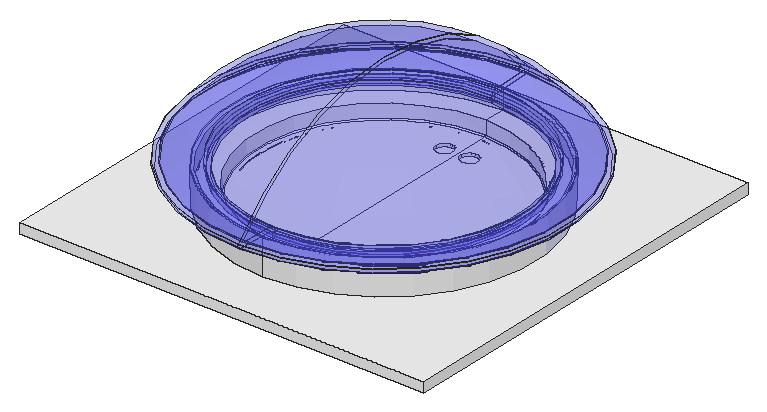
Revit family "BE_24030_de_DE", category Leuchten, Revit 2015
Parameters (values of type "BEGA_24030_Weiß_K4")
  built-in parameter 1150104 = 13.369 (stored number, unit not read)
  Wattage = 28.1 W
  Default Elevation = 0 mm
  built-in parameter 1150113 = 1 (stored number, unit not read)
  built-in parameter 1114218 = 1 (stored number, unit not read)
  Umgebungstemperatur = "25 °C"
  URL = "http://www.bega.de/produkt/24030"
  Typenkommentare = "© 2017 BEGA. Wir behalten uns das Recht vor, technische Änderungen ohne vorherige Ankündigung vorzunehmen."  # constant formula
  Type Image = 24030.png
  built-in parameter 1150134 = 12
  built-in parameter 1150109 = 1 (stored number, unit not read)
  Strom = ""
  built-in parameter 1150110 = 1 (stored number, unit not read)
  Spannung = 239.996 V
  Sonderanfertigung = no
  Seriennummer [instance] = "Hier können Sie die eindeutige Seriennummer für das Facility Management eintragen."
  Schutzklasse = "I"
  Schutzart = "IP 65"
  Scheinlast = 0 VA
  Produktdatenblatt = "http://www.bega.de/download/Xrfa/db/24030.db.de.pdf"
  Oberflächentemperatur = ""
  Neigungswinkel = 0.00°
  Modell = "24030K4"
  Material_17 = BEGA_Reflektor
  Material_15 = BEGA_Leuchtmedium_matt
  Material_11 = BEGA_Glas_opal
  Material_09 = BEGA_Glas_klar
  Material_06 = BEGA_Oberfläche_Edelstahl_gebürstet
  Material_05 = BEGA_Oberfläche_Aluminium Guss
  Material_03 = BEGA_Oberfläche_Weiss_matt
  Material_02 = BEGA_Oberfläche_Silber_matt
  Material_01 [instance] = BEGA_Oberfläche_Grafit_matt
  M_W = yes
  M_G = no
  M_A = no
  Logo = 0
  built-in parameter 1114217 = 1 (stored number, unit not read)
  built-in parameter 1150139 = (empty or 0)
  built-in parameter 1150105 = 1078.3 (stored number, unit not read)
  built-in parameter 1150114 = 1 (stored number, unit not read)
  Lumens = 4043.59 lm
  built-in parameter 1150115 = 1 (stored number, unit not read)
  Leuchtenlichtstrom = "2965 lm"
  Leuchtenanzahl = ""
  Lebensdauerkriterien = "L70B50 @ 25 °C =  h"
  Lastklassifizierung = Beleuchtung
  built-in parameter 1150112 = 1 (stored number, unit not read)
  Lampenlichtstrom = "4045 lm"
  Lampe = "LED 28.1 W"
  LED_Modulbezeichnung = "LED-0832/840"
  built-in parameter 1150142 = (empty or 0)
  Hersteller = "BEGA"  # constant formula
  Halbstreuwinkel = ""
  Gewicht = "3.6 kg"
  Gebrauchslageneinschränkung [instance] = ""
  Frequenz = "0/50-60 Hz"
  Farbwiedergabeindex = "Ra > 80"
  Farbtemperaturverschiebung bei Dämpfen der Lampe = <Keine Auswahl>
  Farbtemperatur = "4000 K"
  Color Filter = 16777215
  built-in parameter 1150133 = 10 (stored number, unit not read)
  Energieeffizienzklasse = "LED A++ - A"
  built-in parameter 1150137 = (empty or 0)
  built-in parameter 1150132 = (empty or 0)
  ENEC = ""
  Dimmbar [instance] = "DALI"
  Datei für fotometrisches Netz = "BE_24030K4.IES"
  CE_Konformität = "ja"
  Bestellnummer = "24030K4"
  Beschreibung_Sonderanfertigung = "Hier können Sie Informationen zur Sonderanfertigung eintragen."
  Beschreibung = "Decken- und Wandleuchte"
  built-in parameter 1150106 = 10.783 (stored number, unit not read)
  Befestigungsbohrung = "Ø 5,5 mm"
  Befestigungsabstand = "283 mm"
  Ballwurfsicher = ""
  BEGA_Intern_aus = yes
  BEGA_Intern_an = yes
  BEGA_Intern_Konstruktion = yes
  BEGA_Intern = yes
  BEGA_IES = yes
  BEGA_Dummy = no
  Anschlussleitung = ""
  Anschlussleistung [instance] = "32 W"
  Anschlusskasten = ""
  built-in parameter 1150107 = 4000 (stored number, unit not read)
  built-in parameter 1150102 = (empty or 0)
  built-in parameter 1150138 = (empty or 0)
  Aktualisierung = "2017-07-04T04:09:06"
  Abstand_zur_angestrahlten_Fläche [instance] = ""
  AC/DC = "AC/DC"
Types (2, lengths in mm): name | built-in parameter 1150134 | Modell | LED_Modulbezeichnung | Farbtemperatur | Datei für fotometrisches Netz | Bestellnummer | built-in parameter 1150107
  BEGA_24030_Weiß_K3 | (empty or 0) | "24030" | "LED-0832/830 " | "3000 K" | "BE_24030.IES" | "24030" | 3000 (stored number, unit not read)
  BEGA_24030_Weiß_K4 | 12 | "24030K4" | "LED-0832/840" | "4000 K" | "BE_24030K4.IES" | "24030K4" | 4000 (stored number, unit not read)
Reference planes
  plane 1 "Mitte (Vorne/Hinten)": y = 0
  plane 2: z = 0
  plane 3 "Mitte (Links/Rechts)": x = 0
  plane 4 "Links": x = -180
  plane 5 "Rechts": x = 180
  plane 6 "Unten": y = -180
  plane 7 "Oben": y = 180
  plane 8 "Vorne": z = 129
  plane 9 "Hinten": z = 0
Forms (mm)
  Extrusion 1, solid, material "BEGA_Platte_Weiss"
    sketch origin (0, -1119.2, 0) x (1, 0, 0) y (0, 1, 0)
      loop
        line (-200, 1319.2) -> (-200, 919.2) -> (200, 919.2) -> (200, 1319.2) -> (-200, 1319.2)
    from 0 to -10
  Extrusion 2, solid, material "BEGA_Dummy_matt", visible <- "BEGA_Dummy"
    sketch origin (77.149, -76.023, 0) x (1, 0, 0) y (0, 1, 0)
      loop
        circle (-77.149, 76.023) r 180
    from 0 to 129
Dimensions and locks
  plane 1 "Mitte (Vorne/Hinten)" to Extrusion 1 = 200 mm
  aligned and locked: plane 2 to Extrusion 1
  aligned and locked: level to Extrusion 1
Nested families
  nested 1: "BE_24030" at (0, 0, 0), type "BE_24030"
Connectors
  electrical at (0, 0, 0), driven by "Lastklassifizierung", driven by "Spannung", driven by "Scheinlast"
    settings: index 1, voltage 239.996 V, apparent load 0 VA, apparent load phase1 0 VA, apparent load phase2 0 VA, apparent load phase3 0 VA, power factor 1, load classification "Beleuchtung", number of poles 1, system type 31, power factor state 1, is connector primary yes, connector utility no, sub classification motor no, connector description ""
Definition of nested family "BE_24030"
  Parameters (values of type "BE_24030")
    Default Elevation = 1 mm
    URL = "http://www.bega.de/de/produkt"
    Type Comments = "© 2015 BEGA. Wir behalten uns das Recht vor, technische Änderungen ohne vorherige Ankündigung vorzunehmen. "  # constant formula
    Type Image = (empty or 0)
    Neigungswinkel_um_Z2 = 0.00°
    Neigungswinkel_um_Z1 = 0.00°
    Neigungswinkel_um_Y2 = 0.00°
    Neigungswinkel_um_Y1 = 0.00°
    Neigungswinkel_um_X2 = 0.00°
    Neigungswinkel_um_X1 = 0.00°
    Material_17 = none
    Material_15 = none
    Material_11 = none
    Material_09 = none
    Material_06 = none
    Material_05 = none
    Material_03 = none
    Material_02 = none
    Material_01 = none
    M_W = yes
    M_G = yes
    M_A = yes
    Länge_Platte = 400 mm  # constant formula
    Höhe_Platte = -10 mm  # constant formula
    Manufacturer = "BEGA"  # constant formula
    Drehwinkel_um_Z2 = 0.00°
    Drehwinkel_um_Z1 = 0.00°
    Breite_Platte = 400 mm  # constant formula
  Reference planes
    plane 1 "Mitte (Oben/Unten)": y = 0
    plane 2: z = 0
    plane 3 "Mitte (Links/Rechts)": x = 0
    plane 4: y = -180
    plane 5: z = 129
    plane 6: y = 180
    plane 7: x = -180
    plane 8: x = 180
  Forms (mm)
    Extrusion 1, solid, detail levels medium
      sketch origin (0, 0, 0) x (1, 0, 0) y (0, 1, 0)
        loop
          line (-200, 200) -> (-200, -200) -> (200, -200) -> (200, 200) -> (-200, 200)
      from 0 to -10 <- "Höhe_Platte"
    Revolve 2, solid, material <- "Material_03", detail levels medium+fine
      sketch origin (0, 0, 0) x (0, 1, 0) y (0, 0, 1)
        loop
          line (0, 1.5) -> (0, 4) -> (-124.766, 4)
          arc (-124.766, 4) -> (-125.461, 4.281) -> (-125.765, 4.966) r 1
          line (-125.765, 4.966) -> (-126.221, 18) -> (-147.07, 18) -> (-146.801, 33.371) -> (-148.93, 35.5) -> (-150, 35.5) -> (-149.389, 0.5) -> (-147.375, 0.5) -> (-147.113, 15.5) -> (-129.601, 15.5)
          arc (-129.601, 15.5) -> (-128.905, 15.219) -> (-128.601, 14.534) r 1
          line (-128.601, 14.534) -> (-128.145, 1.466)
          arc (-128.145, 1.466) -> (-127.84, 0.781) -> (-127.145, 0.5) r 1
          line (-127.145, 0.5) -> (-123.418, 0.5)
          arc (-123.418, 0.5) -> (-122.918, 0.634) -> (-122.55, 1) r 1
          arc (-122.55, 1) -> (-122.184, 1.366) -> (-121.684, 1.5) r 1
          line (-121.684, 1.5) -> (0, 1.5)
        axis (0, 35.5) -> (0, 0.5)
      angle from 0 to 360
    Revolve 3, solid, material <- "Material_03", detail levels medium+fine
      sketch origin (141.5, 0, 0) x (0, 1, 0) y (0, 0, 1)
        loop
          line (-2.5, 0) -> (-2.5, 16.045) -> (-7.987, 16.045) -> (-6.932, 0.947)
          arc (-6.932, 0.947) -> (-6.61, 0.274) -> (-5.916, 0) r 1.018
          line (-5.916, 0) -> (-2.5, 0)
        axis (0, 16.045) -> (0, 0)
      angle from 0 to 360
    Extrusion 4, void
      sketch origin (0, 0, 0) x (1, 0, 0) y (0, 1, 0)
        loop
          circle (-12.315, 90.644) r 8.5
        loop
          circle (12.315, 90.644) r 8.5
      from 0 to 9
    Revolve 5, solid, material <- "Material_11", detail levels medium+fine
      sketch origin (0, 0, 0) x (0, 1, 0) y (0, 0, 1)
        loop
          arc (0, 129) -> (-99.696, 106.071) -> (-179.358, 41.89) r 228.203
          arc (-179.358, 41.89) -> (-179.715, 38.76) -> (-177.079, 37.036) r 3
          line (-177.079, 37.036) -> (-139.448, 36.051)
          arc (-139.448, 36.051) -> (-138.067, 35.447) -> (-137.5, 34.052) r 2
          line (-137.5, 34.052) -> (-137.5, 29) -> (-133.5, 29) -> (-133.5, 34.052)
          arc (-133.5, 34.052) -> (-135.202, 38.238) -> (-139.343, 40.05) r 6
          line (-139.343, 40.05) -> (-172.946, 40.93)
          arc (-172.946, 40.93) -> (-173.832, 41.519) -> (-173.685, 42.573) r 1
          arc (-173.685, 42.573) -> (-96.126, 103.348) -> (0, 125) r 224.202
          line (0, 125) -> (0, 129)
        axis (0, 129) -> (0, 29)
      angle from 0 to 360
    Revolve 6, solid, material <- "Material_03", detail levels medium+fine
      sketch origin (-141.5, 0, 0) x (0, 1, 0) y (0, 0, -1)
        loop
          line (-2.5, 0) -> (-5.916, 0)
          arc (-5.916, 0) -> (-6.61, -0.274) -> (-6.932, -0.947) r 1.018
          line (-6.932, -0.947) -> (-7.987, -16.045) -> (-2.5, -16.045) -> (-2.5, 0)
        axis (0, -16.045) -> (0, 0)
      angle from 0 to 360
  Cuts and joins
    Extrusion 4 cuts Revolve 2
    Extrusion 4 cuts Revolve 3
    joined: Revolve 2, Revolve 3, Revolve 6
  Dimensions and locks
    equal spacing: Extrusion 1 sketch curve, plane 3 "Mitte (Links/Rechts)", Extrusion 1 sketch curve
    equal spacing: Extrusion 1 sketch curve, plane 1 "Mitte (Oben/Unten)", Extrusion 1 sketch curve
    "Länge_Platte": Extrusion 1 sketch curve to Extrusion 1 sketch curve
    "Breite_Platte": Extrusion 1 sketch curve to Extrusion 1 sketch curve
    aligned and locked: plane 2 to Extrusion 1
    aligned and locked: level to Extrusion 1
  Automatic sketch dimensions
    Revolve 2 sketch curve to plane 1 "Mitte (Oben/Unten)" = 0 mm  (x2)
    level to Revolve 2 sketch curve = 1.5 mm  (x2)
    Revolve 2 sketch curve to Revolve 2 sketch curve = 1.734 mm
    Revolve 2 sketch curve to Revolve 2 sketch curve = 1.348 mm
    level to Revolve 2 sketch curve = 4.966 mm
    Revolve 2 sketch curve to Revolve 2 sketch curve = 0.999 mm  (x3)
    Revolve 2 sketch curve to Revolve 2 sketch curve = 0.455 mm
    Revolve 2 sketch curve to Revolve 2 sketch curve = 2.379 mm
    level to Revolve 2 sketch curve = 1.466 mm
    Revolve 2 sketch curve to Revolve 2 sketch curve = 2.38 mm
    Revolve 2 sketch curve to Revolve 2 sketch curve = 0.044 mm
    level to Revolve 2 sketch curve = 0.5 mm  (x3)
    Revolve 2 sketch curve to Revolve 2 sketch curve = 1 mm
    Revolve 2 sketch curve to Revolve 2 sketch curve = 2.5 mm  (x2)
    Revolve 2 sketch curve to Revolve 2 sketch curve = 9.534 mm
    Revolve 2 sketch curve to Revolve 2 sketch curve = 0.034 mm
    Revolve 2 sketch curve to Revolve 2 sketch curve = 15.371 mm
    Revolve 2 sketch curve to Revolve 2 sketch curve = 2.129 mm  (x2)
    level to Revolve 2 sketch curve = 1 mm
    Revolve 2 sketch curve to Revolve 2 sketch curve = 0.002 mm
    Revolve 2 sketch curve to Revolve 2 sketch curve = 0 mm  (x2)
    Revolve 2 sketch curve to level = 2 mm
    Revolve 3 sketch curve to level = 0 mm  (x2)
    Revolve 3 sketch curve to plane 1 "Mitte (Oben/Unten)" = 0 mm
    plane 1 "Mitte (Oben/Unten)" to Revolve 3 sketch curve = 2.5 mm
    level to Revolve 3 sketch curve = 1.018 mm
    Revolve 3 sketch curve to Revolve 3 sketch curve = 3.416 mm
    level to Revolve 3 sketch curve = 0.947 mm
    Revolve 3 sketch curve to Revolve 3 sketch curve = 5.487 mm
    Revolve 3 sketch curve to Revolve 3 sketch curve = 15.098 mm
    Revolve 3 sketch curve to Revolve 3 sketch curve = 3.047 mm
    Extrusion 4 sketch curve to plane 3 "Mitte (Links/Rechts)" = 12.315 mm
    plane 3 "Mitte (Links/Rechts)" to Extrusion 4 sketch curve = 12.315 mm
    Extrusion 4 sketch curve to plane 1 "Mitte (Oben/Unten)" = 90.644 mm
    Extrusion 4 sketch curve to Extrusion 4 sketch curve = 0 mm
    Revolve 5 sketch curve to plane 1 "Mitte (Oben/Unten)" = 0 mm  (x4)
    Revolve 5 sketch curve to Revolve 5 sketch curve = 12.396 mm
    Revolve 6 sketch curve to level = 0 mm  (x2)
    Revolve 6 sketch curve to plane 1 "Mitte (Oben/Unten)" = 0 mm
    plane 1 "Mitte (Oben/Unten)" to Revolve 6 sketch curve = 2.5 mm
    level to Revolve 6 sketch curve = 1.018 mm
    Revolve 6 sketch curve to Revolve 6 sketch curve = 3.416 mm
    level to Revolve 6 sketch curve = 0.947 mm
    Revolve 6 sketch curve to Revolve 6 sketch curve = 5.487 mm
    Revolve 6 sketch curve to Revolve 6 sketch curve = 15.027 mm
    Revolve 6 sketch curve to Revolve 6 sketch curve = 3.047 mm
    Revolve 5 sketch curve to level = 99.202 mm
    Revolve 5 sketch curve to Revolve 5 sketch curve = 0 mm  (x17)
    Revolve 5 sketch curve to Revolve 5 sketch curve = 5.673 mm
    level to Revolve 5 sketch curve = 42.573 mm
    Revolve 5 sketch curve to Revolve 5 sketch curve = 0.682 mm
    Revolve 5 sketch curve to Revolve 5 sketch curve = 2.358 mm
    Revolve 5 sketch curve to Revolve 5 sketch curve = 0.765 mm
    Revolve 5 sketch curve to Revolve 5 sketch curve = 1.855 mm
    Revolve 5 sketch curve to Revolve 5 sketch curve = 0.643 mm
    Revolve 5 sketch curve to Revolve 5 sketch curve = 0.079 mm
    Revolve 5 sketch curve to Revolve 5 sketch curve = 0.026 mm
    Revolve 5 sketch curve to Revolve 5 sketch curve = 4.879 mm
    Revolve 5 sketch curve to Revolve 5 sketch curve = 2.999 mm
    Revolve 5 sketch curve to Revolve 5 sketch curve = 0.052 mm
    Revolve 5 sketch curve to Revolve 5 sketch curve = 2 mm
    Revolve 5 sketch curve to Revolve 5 sketch curve = 4 mm
    Revolve 5 sketch curve to Revolve 5 sketch curve = 7.051 mm
    Revolve 5 sketch curve to Revolve 5 sketch curve = 1.999 mm
    Revolve 5 sketch curve to Revolve 5 sketch curve = 0.105 mm
    plane 1 "Mitte (Oben/Unten)" to Revolve 2 sketch curve = 121.684 mm
    Revolve 2 sketch curve to Revolve 2 sketch curve = 17.201 mm
    Revolve 2 sketch curve to Revolve 2 sketch curve = 0.268 mm
    Revolve 2 sketch curve to Revolve 2 sketch curve = 0.262 mm
    Revolve 2 sketch curve to Revolve 2 sketch curve = 2.014 mm
    Revolve 2 sketch curve to Revolve 2 sketch curve = 1.07 mm
    plane 1 "Mitte (Oben/Unten)" to Revolve 5 sketch curve = 133.5 mm
    Revolve 5 sketch curve to Revolve 5 sketch curve = 33.577 mm
    Revolve 5 sketch curve to Revolve 5 sketch curve = 38.396 mm
    radius of Extrusion 4 sketch curve = 8.5 mm  (x2)
